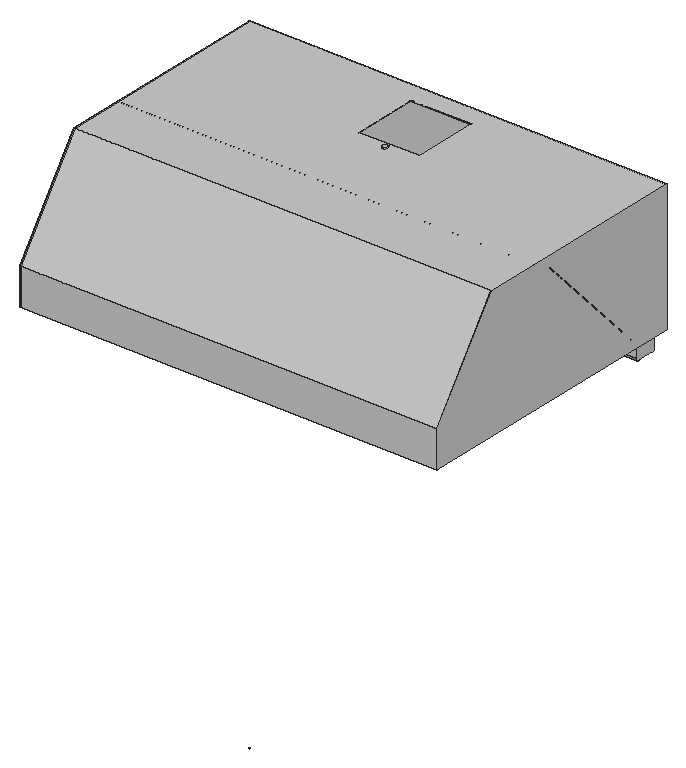
Revit family "QF_ELECTROLUXPROFESSIONAL_644221_ABPV1116BT", category Attrezzature speciali, Revit 2021
Family settings
  Quota connettore circolare = Usa diametro
  Tipo di parte = Normale
  Basato su piano di lavoro = No
  Sempre verticale = Sì
  Taglio con vuoti quando caricato = No
  Condiviso = No
  Punto di calcolo locali = No
Parameters (values of type "Standard")
  Weight = 52.00 kg
  Watts = 300 W
  Volts = 220 V
  URL Manufacturer = "https://www.electroluxprofessional.com/"
  URL = "https://www.electroluxprofessional.com/"
  Steam Supply Size = 0 mm
  Steam Supply Minimum Pressure = 0.0 Pa
  Steam Supply Maximum Pressure = 0.0 Pa
  Steam Consumption per Hour = 0
  Refrigeration Suction Line Size = 0 mm
  Refrigeration Liquid Line Size = 0 mm
  Refrigerant Compressor Remote = yes
  Prospetto di default = 0 mm
  Produttore = "Electrolux Professional"
  Phase = 1
  Modello = "ABPV1116BT"
  Length Actual = 1600 mm  # constant formula
  Item Number = "644221"
  Hot Water Size = 0 mm
  Height Actual = 500 mm  # constant formula
  HP = "0.4 HP"
  Gas Size = 0 mm
  Gas KW = 0
  Gas Input Pressure = 0 W
  Direct Waste Size = 0 mm
  Descrizione = "430 S/S WALL HOOD+FILTER+FAN 1600X1100MM"
  Depth Actual = 1100 mm  # constant formula
  Cycle = 50 Hz
  Condensate Return Size = 0 mm
  Compressed Air Volume = 0.0 L/s
  Compressed Air Size = 0 mm
  Compressed Air Pressure = 0.0 Pa
  Cold Water Size = 0 mm
  Accessory = yes
Reference planes
  plane 1 "Center (Front/Back)": y = 0
  plane 2: z = 0
  plane 3 "Center (Left/Right)": x = 150
  plane 4 "LEFT": x = -650
  plane 5 "RIGHT": x = 950
  plane 6 "BACK": y = 550
  plane 7 "FRONT": y = -550
  plane 8 "TOP": z = 2500
  plane 9 "Base": z = 2000
  plane 10: z = 1926
  plane 11 "DrainY": y = 485
  plane 12: x = -647
  plane 13: through (0, 414.509, 2000.8) normal (0, 0.7314, 0.682)
  plane 14: y = 470
  plane 15: y = 220
  plane 16 "DrainX": x = 830
  plane 17: x = 33.5
  plane 18: x = 266.5
  plane 19: x = 947
  plane 20: x = 740
  plane 21: x = 920
  plane 22: x = -450
  plane 23: x = 750
  plane 24: x = -47.5
  plane 25: x = 347.5
  plane 26: z = 2140
  plane 27: y = -290
  plane 28: y = 200
Forms (mm)
  Extrusion 1, solid, material "QF_Finishes_Stainless Steel"
    sketch origin (-650, 0, 360) x (0, 1, 0) y (0, 0, 1)
      loop
        line (550, 1640) -> (550, 2140) -> (-290, 2140) -> (-550, 1780) -> (-550, 1640) -> (550, 1640)
    from 0 to 3
  Extrusion 2, solid, material "QF_Finishes_Stainless Steel"
    sketch origin (150, 0, 360) x (0, 1, 0) y (0, 0, 1)
      loop
        line (415.255, 1640) -> (550, 1640) -> (550, 2139.19) -> (549.2, 2139.19) -> (549.2, 1640.8) -> (415.876, 1640.8) -> (339.347, 1722.867) -> (349.609, 1732.436) -> (348.927, 1733.167) -> (337.934, 1722.917) -> (415.255, 1640)
      loop
        line (-82.203, 2139.19) -> (-82.203, 2118.6) -> (-31.047, 2118.6) -> (34.354, 2048.466) -> (46.028, 2059.352) -> (45.346, 2060.083) -> (34.403, 2049.879) -> (-30.612, 2119.6) -> (-81.203, 2119.6) -> (-81.203, 2139.19) -> (-82.203, 2139.19)
    from -797 to 797
  Extrusion 3, solid, material "QF_Finishes_Stainless Steel"
    sketch origin (950, 0, 360) x (0, 1, 0) y (0, 0, 1)
      loop
        line (550, 1640) -> (550, 2140) -> (-290, 2140) -> (-550, 1780) -> (-550, 1640) -> (550, 1640)
    from 0 to -3
  Extrusion 4, solid, material "QF_Finishes_Stainless Steel"
    sketch origin (150, 0, 360) x (0, 1, 0) y (0, 0, 1)
      loop
        line (-290, 2140) -> (-550, 1780) -> (-550, 1640) -> (-549.2, 1640) -> (-549.2, 1779.741) -> (-289.598, 2139.19) -> (550, 2139.19) -> (550, 2140) -> (-290, 2140)
    from -800 to 800
  Extrusion 5, solid, material "QF_Finishes_Stainless Steel"
    sketch origin (150, 0, 360) x (0, 1, 0) y (0, 0, 1)
      loop
        line (534, 1640) -> (436, 1640) -> (436, 1627) -> (443.5, 1627) -> (443.5, 1576)
        arc (443.5, 1576) -> (446.429, 1568.929) -> (453.5, 1566) r 10
        line (453.5, 1566) -> (516.5, 1566)
        arc (516.5, 1566) -> (523.571, 1568.929) -> (526.5, 1576) r 10
        line (526.5, 1576) -> (526.5, 1627) -> (534, 1627) -> (534, 1640)
    from 590 to 770
  Extrusion 6, solid, material "QF_Finishes_Stainless Steel"
    sketch origin (0, 0, 2000) x (0, 1, 0) y (-1, 0, 0)
      loop
        circle (485, -830) r 20
    from -76 to -74
  Extrusion 7, solid, material "QF_Finished_Chrome"
    sketch origin (150, 0, 360) x (0, 1, 0) y (0, 0, 1)
      loop
        line (337.934, 1722.917) -> (341.591, 1726.327) -> (38.011, 2051.876) -> (34.354, 2048.466) -> (337.934, 1722.917)
    from -197.5 to -600
  Extrusion 8, solid, material "QF_Finishes_Stainless Steel"
    sketch origin (150, 0, 360) x (0, 1, 0) y (0, 0, 1)
      loop
        line (337.934, 1722.917) -> (341.591, 1726.327) -> (38.011, 2051.876) -> (34.354, 2048.466) -> (337.934, 1722.917)
    from 797 to 600
  Extrusion 9, solid, material "QF_Finished_Chrome"
    sketch origin (150, 0, 360) x (0, 1, 0) y (0, 0, 1)
      loop
        line (341.588, 1726.324) -> (38.009, 2051.874) -> (34.354, 2048.466) -> (337.934, 1722.917) -> (341.588, 1726.324)
    from 197.5 to 600
  Extrusion 10, void
    sketch origin (0, 0, 2500) x (0, 1, 0) y (-1, 0, 0)
      loop
        line (470, -266.5) -> (470, -33.5) -> (220, -33.5) -> (220, -266.5) -> (470, -266.5)
    from 0 to -10
  Extrusion 11, solid, material "QF_Finishes_Stainless Steel"
    sketch origin (0, 0, 0) x (1, 0, 0) y (0, 1, 0)
      loop
        line (-650, 550) -> (-650, 549) -> (-649, 549) -> (-649, 550) -> (-650, 550)
    from 0 to 1
  Extrusion 12, solid, material "QF_Finishes_Stainless Steel"
    sketch origin (150, 0, 360) x (0, 1, 0) y (0, 0, 1)
      loop
        line (337.934, 1722.917) -> (341.591, 1726.327) -> (38.011, 2051.876) -> (34.354, 2048.466) -> (337.934, 1722.917)
    from -600 to -797
  Extrusion 13, solid, material "QF_Finishes_Stainless Steel"
    sketch origin (150, 0, 360) x (0, 1, 0) y (0, 0, 1)
      loop
        line (337.934, 1722.917) -> (341.591, 1726.327) -> (38.011, 2051.876) -> (34.354, 2048.466) -> (337.934, 1722.917)
    from 197.5 to -197.5
  Extrusion 14, solid, material "QF_Finishes_Stainless Steel"
    sketch origin (0, 0, 2500) x (0, 1, 0) y (-1, 0, 0)
      loop
        circle (200, -150) r 10
    from 0 to 1.6
Cuts and joins
  Extrusion 10 cuts Extrusion 4
  joined: Extrusion 2, Extrusion 4
Lines and regions (mm)
  reference lines
    curve 1: line (150, 34.354, 2408.466) -> (150, 34.354, 2248.466)
  symbolic lines, style "SpecialityEquipment", detail levels coarse
    curve 2: line (950, 550, 2500) -> (-650, 550, 2500)
    curve 3: line (-650, 550, 2500) -> (-650, -550, 2500)
    curve 4: line (950, -550, 2500) -> (950, 550, 2500)
    curve 5: line (-650, -550, 2500) -> (950, -550, 2500)
    curve 6: line (266.5, 220, 2500) -> (33.5, 220, 2500)
    curve 7: line (266.5, 470, 2500) -> (266.5, 220, 2500)
    curve 8: line (33.5, 470, 2500) -> (266.5, 470, 2500)
    curve 9: line (33.5, 220, 2500) -> (33.5, 470, 2500)
    curve 10: line (950, -289.598, 0) -> (-650, -289.598, 0)
    curve 11: line (-650, -289.598, 0) -> (950, 550, 0)
    curve 12: line (-650, 550, 0) -> (950, -289.598, 0)
Dimensions and locks
  plane 4 "LEFT" to plane 5 "RIGHT" = 1600 mm
  equal spacing: plane 4 "LEFT", plane 3 "Center (Left/Right)", plane 5 "RIGHT"
  locked: plane 8 "TOP" to plane 9 "Base" at 500
  plane 9 "Base" to plane 10 = 74 mm
  plane 6 "BACK" to plane 11 "DrainY" = 65 mm  (x2)
  plane 4 "LEFT" to plane 12 = 3 mm
  plane 6 "BACK" to plane 14 = 80 mm
  plane 14 to plane 15 = 250 mm  (x2)
  plane 16 "DrainX" to plane 5 "RIGHT" = 120 mm
  plane 19 to plane 5 "RIGHT" = 3 mm
  locked: plane 20 to plane 16 "DrainX" at 90
  locked: plane 16 "DrainX" to plane 21 at 90
  plane 6 "BACK" to plane 7 "FRONT" = 1100 mm  (x2)
  equal spacing: plane 6 "BACK", plane 1 "Center (Front/Back)", plane 7 "FRONT"
  plane 15 to plane 7 "FRONT" = 770 mm
  plane 14 to plane 6 "BACK" = 80 mm
  plane 4 "LEFT" to plane 22 = 200 mm
  plane 23 to plane 5 "RIGHT" = 200 mm
  locked: plane 24 to plane 25 at 395
  equal spacing: plane 24, plane 3 "Center (Left/Right)", plane 25
  locked: plane 17 to plane 18 at 233
  equal spacing: plane 17, plane 3 "Center (Left/Right)", plane 18
  locked: plane 9 "Base" to level at 2000
  plane 26 to plane 9 "Base" = 140 mm
  plane 27 to plane 7 "FRONT" = 260 mm
  plane 15 to plane 28 = 20 mm
  aligned and locked: level to plane 2
  aligned and locked: Extrusion 2 to Extrusion 1
  aligned and locked: Extrusion 2 to Extrusion 3
  aligned and locked: plane 5 "RIGHT" to Extrusion 4
  aligned and locked: Extrusion 4 to plane 4 "LEFT"
  aligned and locked: plane 19 to Extrusion 8
  aligned and locked: Extrusion 10 to plane 17
  aligned and locked: Extrusion 10 to plane 15
  aligned and locked: Extrusion 10 to plane 14
  aligned and locked: Extrusion 2 to Extrusion 4
  aligned and locked: plane 21 to Extrusion 5
  aligned and locked: Extrusion 5 to plane 20
  aligned and locked: Extrusion 8 to plane 23
  aligned and locked: Extrusion 9 to plane 23
  aligned and locked: Extrusion 7 to plane 22
  aligned and locked: Extrusion 12 to plane 12
  aligned and locked: plane 22 to Extrusion 12
  aligned and locked: Extrusion 3 to plane 19
  aligned and locked: Extrusion 10 to plane 18
  aligned and locked: plane 18 to curve 7
  aligned and locked: plane 25 to Extrusion 13
  aligned and locked: Extrusion 13 to plane 24
  aligned and locked: Extrusion 9 to plane 25
Automatic sketch dimensions
  curve 5 to plane 5 "RIGHT" = 0 mm
  curve 5 to plane 7 "FRONT" = 0 mm
  curve 6 to plane 15 = 0 mm
  plane 14 to curve 8 = 0 mm
  curve 3 to plane 4 "LEFT" = 0 mm
  curve 3 to plane 6 "BACK" = 0 mm
  curve 6 to plane 17 = 0 mm
  Extrusion 2 sketch curve to plane 13 = 0 mm  (x3)
  Extrusion 2 sketch curve to plane 9 "Base" = 0 mm
  plane 13 to Extrusion 2 sketch curve = 0 mm
  Extrusion 2 sketch curve to plane 6 "BACK" = 0 mm
  Extrusion 2 sketch curve to Extrusion 2 sketch curve = 65.646 mm
  Extrusion 2 sketch curve to Extrusion 2 sketch curve = 0.682 mm  (x2)
  Extrusion 2 sketch curve to Extrusion 2 sketch curve = 10.261 mm
  plane 9 "Base" to Extrusion 2 sketch curve = 82.917 mm
  Extrusion 2 sketch curve to plane 1 "Center (Front/Back)" = 46.028 mm
  Extrusion 2 sketch curve to Extrusion 2 sketch curve = 10.942 mm
  Extrusion 2 sketch curve to Extrusion 2 sketch curve = 0.049 mm
  Extrusion 2 sketch curve to plane 8 "TOP" = 20.4 mm
  Extrusion 2 sketch curve to plane 8 "TOP" = 21.4 mm
  Extrusion 2 sketch curve to plane 8 "TOP" = 0.81 mm  (x2)
  Extrusion 2 sketch curve to Extrusion 2 sketch curve = 50.156 mm
  Extrusion 2 sketch curve to Extrusion 2 sketch curve = 1 mm
  plane 9 "Base" to Extrusion 2 sketch curve = 0.8 mm
  Extrusion 2 sketch curve to plane 6 "BACK" = 0.8 mm
  curve 1 to plane 13 = 0 mm
  curve 1 to plane 1 "Center (Front/Back)" = 34.354 mm
  Extrusion 5 sketch curve to plane 9 "Base" = 0 mm
  Extrusion 5 sketch curve to plane 10 = 0 mm
  Extrusion 5 sketch curve to plane 9 "Base" = 13 mm  (x2)
  plane 14 to Extrusion 5 sketch curve = 34 mm
  Extrusion 5 sketch curve to Extrusion 5 sketch curve = 7.5 mm  (x2)
  Extrusion 5 sketch curve to Extrusion 5 sketch curve = 10 mm
  plane 11 "DrainY" to Extrusion 5 sketch curve = 31.5 mm
  Extrusion 5 sketch curve to plane 6 "BACK" = 23.5 mm
  Extrusion 6 sketch curve to plane 11 "DrainY" = 0 mm
  Extrusion 6 sketch curve to plane 16 "DrainX" = 0 mm
  Extrusion 7 sketch curve to plane 13 = 0 mm  (x2)
  Extrusion 7 sketch curve to plane 1 "Center (Front/Back)" = 34.354 mm
  Extrusion 7 sketch curve to Extrusion 7 sketch curve = 3.657 mm
  plane 9 "Base" to Extrusion 7 sketch curve = 82.917 mm
  Extrusion 8 sketch curve to plane 13 = 0 mm  (x2)
  Extrusion 8 sketch curve to plane 1 "Center (Front/Back)" = 34.354 mm
  Extrusion 8 sketch curve to Extrusion 8 sketch curve = 3.657 mm
  plane 9 "Base" to Extrusion 8 sketch curve = 82.917 mm
  Extrusion 9 sketch curve to plane 13 = 0 mm  (x2)
  Extrusion 9 sketch curve to plane 1 "Center (Front/Back)" = 34.354 mm
  Extrusion 9 sketch curve to Extrusion 9 sketch curve = 3.655 mm
  plane 9 "Base" to Extrusion 9 sketch curve = 82.917 mm
  Extrusion 10 sketch curve to plane 15 = 0 mm
  plane 14 to Extrusion 10 sketch curve = 0 mm
  Extrusion 10 sketch curve to plane 18 = 0 mm
  Extrusion 10 sketch curve to plane 17 = 0 mm
  Extrusion 11 sketch curve to plane 4 "LEFT" = 0 mm
  Extrusion 11 sketch curve to plane 6 "BACK" = 0 mm
  plane 4 "LEFT" to Extrusion 11 sketch curve = 1 mm
  Extrusion 11 sketch curve to Extrusion 11 sketch curve = 1 mm
  Extrusion 12 sketch curve to plane 13 = 0 mm  (x2)
  Extrusion 12 sketch curve to plane 1 "Center (Front/Back)" = 34.354 mm
  Extrusion 12 sketch curve to Extrusion 12 sketch curve = 3.657 mm
  plane 9 "Base" to Extrusion 12 sketch curve = 82.917 mm
  Extrusion 13 sketch curve to plane 13 = 0 mm  (x2)
  Extrusion 13 sketch curve to plane 1 "Center (Front/Back)" = 34.354 mm
  Extrusion 13 sketch curve to Extrusion 13 sketch curve = 3.657 mm
  plane 9 "Base" to Extrusion 13 sketch curve = 82.917 mm
  curve 1 to curve 1 = 160 mm
  Extrusion 4 sketch curve to plane 7 "FRONT" = 0 mm
  Extrusion 4 sketch curve to plane 8 "TOP" = 0 mm
  Extrusion 4 sketch curve to plane 27 = 0 mm
  Extrusion 4 sketch curve to plane 6 "BACK" = 0 mm
  Extrusion 4 sketch curve to plane 26 = 0 mm
  Extrusion 4 sketch curve to Extrusion 4 sketch curve = 0.81 mm
  plane 7 "FRONT" to Extrusion 4 sketch curve = 0.8 mm
  Extrusion 4 sketch curve to plane 27 = 0.402 mm
  Extrusion 4 sketch curve to plane 9 "Base" = 0 mm
  Extrusion 4 sketch curve to plane 26 = 0.259 mm
  Extrusion 1 sketch curve to plane 6 "BACK" = 0 mm
  Extrusion 1 sketch curve to plane 9 "Base" = 0 mm
  Extrusion 1 sketch curve to plane 8 "TOP" = 0 mm
  Extrusion 1 sketch curve to plane 7 "FRONT" = 0 mm
  Extrusion 1 sketch curve to plane 27 = 0 mm
  Extrusion 1 sketch curve to plane 26 = 0 mm
  Extrusion 3 sketch curve to plane 7 "FRONT" = 0 mm
  Extrusion 3 sketch curve to plane 6 "BACK" = 0 mm
  Extrusion 3 sketch curve to plane 9 "Base" = 0 mm
  Extrusion 3 sketch curve to plane 8 "TOP" = 0 mm
  Extrusion 3 sketch curve to plane 27 = 0 mm
  Extrusion 3 sketch curve to plane 26 = 0 mm
  curve 10 to plane 4 "LEFT" = 0 mm
  curve 12 to plane 4 "LEFT" = 0 mm
  curve 11 to plane 5 "RIGHT" = 0 mm
  curve 12 to plane 5 "RIGHT" = 0 mm
  curve 12 to plane 6 "BACK" = 0 mm
  curve 11 to plane 6 "BACK" = 0 mm
  curve 11 to plane 27 = 0.402 mm
  Extrusion 14 sketch curve to plane 3 "Center (Left/Right)" = 0 mm
  plane 28 to Extrusion 14 sketch curve = 0 mm
  radius of Extrusion 6 sketch curve = 20 mm
  radius of Extrusion 14 sketch curve = 10 mm
Connectors
  piping at (830, 485, 1924), diameter 20
    settings: on Extrusion 6, index 1, connector inside diameter 609.6 mm, connector length 0 mm, flow factor 0, pipe flow 0.0 L/s, pressure drop 0.0 Pa, fitting loss kfactor 0, connector angle 0.00°, fixture units 0, engagement length 0 mm, angle of deflection 0.00°, flow configuration 1, flow direction 2, fitting loss method 0, system type 16, joint type 0, gender type 0, connector reference index -1, connector utility 0, adjustable connector no, is connector primary yes, connector description "Drain"
  hvac at (150, 345, 2500)
    settings: on Extrusion 10, index 2, duct flow 0.0 L/s, flow factor 0, pres drop 0.0 Pa, loss coef 0, conn angle 0.00°, conn width 250 mm, conn height 233 mm, conn diameter 609.6 mm, duct sys type 3, conn prof type 1, flow config 1, flow direction 2, loss method 0, conn ref index -1, conn util no, is conn primary yes, conn desc "EXHAUST OUTLET"
  electrical at (150, 200, 2501.6), driven by "Volts"
    settings: on Extrusion 14, index 3, voltage 220 V, apparent load 0 VA, apparent load phase1 0 VA, apparent load phase2 0 VA, apparent load phase3 0 VA, power factor 1, load classification "Other", number of poles 1, system type 30, power factor state 1, is connector primary yes, connector utility no, sub classification motor no, connector description "Electrical Connection"
